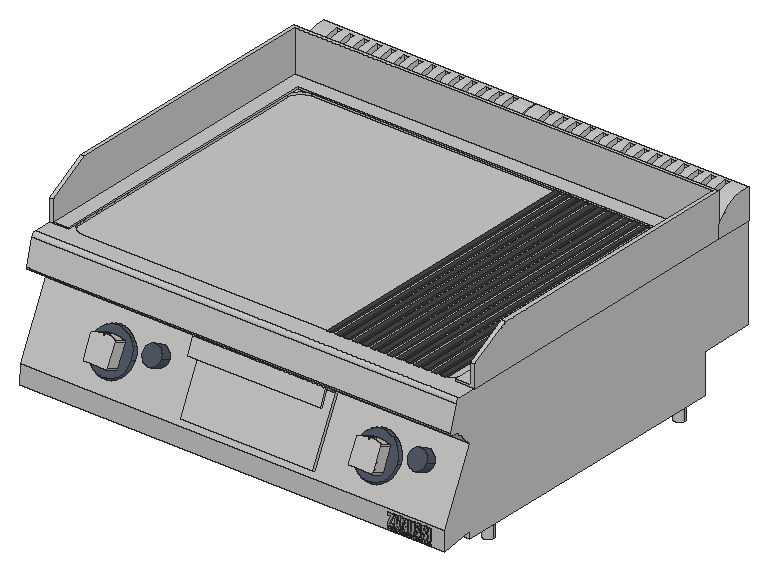
Revit family "QF_ZANUSSI_372335_Z7IIMAAOMEA", category Specialty Equipment, Revit 2018
Family settings
  Round Connector Dimension = Use Diameter
  Part Type = Normal
  Work Plane-Based = No
  Always vertical = Yes
  Cut with Voids When Loaded = No
  Shared = No
  Room Calculation Point = No
Parameters (values of type "Standard")
  Weight = 70.00 kg
  Watts = 0 W
  Volts = 0 V
  URL Manufacturer = "http://www.zanussiprofessional.com"
  URL = "http://www.zanussiprofessional.com"
  Steam Supply Size = 0"
  Steam Supply Minimum Pressure = 0.00 psi
  Steam Supply Maximum Pressure = 0.00 psi
  Steam Pounds per Hour = 0
  Show Logo [instance] = yes
  Show Clearance [instance] = yes
  Refrigeration Suction Line Size = 0"
  Refrigeration Liquid Line Size = 0"
  Refrigerant Compressor Remote = yes
  Phase = 0
  Model = "Z7IIMAAOMEA"
  Manufacturer = "Zanussi"
  Length Actual = 800 mm  # constant formula
  Item Number = "372335"
  Hot Water Size = 0"
  Height Actual = 250 mm  # constant formula
  HP = "0 HP"
  Gas Size = 1/2"
  Gas KW = 14
  Gas Input Pressure = 0.469158 Btu/h
  Direct Waste Size = 0"
  Description = "GAS FRY TOP-SMOOTH+RIBBED PLATE 800MM-BRUSHED CHROME"
  Depth Actual = 700 mm  # constant formula
  Cycle = 0 Hz
  Condensate Return Size = 0"
  Compressed Air Volume = 0 GPM
  Compressed Air Size = 0"
  Compressed Air Pressure = 0.00 psi
  Cold Water Size = 0"
  Assembly Code = ""
  Accessory = yes
Reference planes
  plane 1 "BACK": y = 0
  plane 2: z = 0
  plane 3 "LEFT": x = 0
  plane 4 "RIGHT": x = 800
  plane 5 "FRONT": y = -715
  plane 6 "TOP": z = 288.925
  plane 7 "Center Y": x = 400
  plane 8 "Center X": y = -357.5
  plane 9 "BASE": z = 24
  plane 10 "TOP A": z = 274
  plane 11: y = -597.884
  plane 12: y = -147.637
  plane 13: z = 981
  plane 14: y = -700
  plane 15 "panel": through (-6096, -715, 65.146) normal (0, 0.8956, -0.4448)
  plane 16: z = 900
Forms (mm)
  Extrusion 1, solid, material "QF_Finishes_Stainless Steel"
    sketch origin (0, 0, 626) x (0, 1, 0) y (0, 0, 1)
      loop
        line (0, 98) -> (0, 274) -> (-679.358, 274)
        arc (-679.358, 274) -> (-684.643, 271.811) -> (-686.833, 266.526) r 7.474
        line (-686.833, 266.526) -> (-699.884, 221.011)
        arc (-699.884, 221.011) -> (-699.396, 218.379) -> (-697, 217.184) r 3
        line (-697, 217.184) -> (-686.802, 217.184) -> (-654.982, 185.364) -> (-715, 64.508) -> (-715, 29.508) -> (-658.645, 37.428)
        arc (-658.645, 37.428) -> (-656.101, 36.674) -> (-655, 34.259) r 3.2
        line (-655, 34.259) -> (-655, 24) -> (-103, 24) -> (-103, 98) -> (0, 98)
    from 0 to 800
  Extrusion 2, void
    sketch origin (0, -2.381, 900) x (-1, 0, 0) y (0, -1, 0)
      loop
        arc (-60.425, 102.504) -> (-42.464, 109.943) -> (-35.025, 127.904) r 25.4
        line (-35.025, 127.904) -> (-35.025, 617.104)
        arc (-35.025, 617.104) -> (-42.464, 635.064) -> (-60.425, 642.504) r 25.4
        line (-60.425, 642.504) -> (-739.575, 642.504)
        arc (-739.575, 642.504) -> (-757.536, 635.064) -> (-764.975, 617.104) r 25.4
        line (-764.975, 617.104) -> (-764.975, 127.904)
        arc (-764.975, 127.904) -> (-757.536, 109.943) -> (-739.575, 102.504) r 25.4
        line (-739.575, 102.504) -> (-60.425, 102.504)
    from 0 to -3.2
  Extrusion 3, solid, material "QF_Finishes_Stainless Steel"
    sketch origin (0, 0, 626) x (1, 0, 0) y (0, 1, 0)
      loop
        circle (11.112, -147.638) r 9.525
      loop
        circle (11.112, -597.884) r 9.525
      loop
        circle (788.887, -147.638) r 9.525
      loop
        circle (788.887, -597.884) r 9.525
    from 0 to 24
  Extrusion 4, solid, material "QF_Finishes_Stainless Steel"
    sketch origin (0, -101.6, 727.594) x (0, 0, -1) y (-1, 0, 0)
      loop
        circle (43.694, -749.2) r 6.35
    from -1.4 to 3.175
  Extrusion 5, solid, material "QF_Finishes_Clearance", visible <- "Show Clearance", detail levels coarse
    sketch origin (0, 0, 626) x (1, 0, 0) y (0, 1, 0)
      loop
        line (0, -715) -> (0, 0) -> (800, 0) -> (800, -715) -> (950.019, -715) -> (950.019, 150.019) -> (-150.019, 150.019) -> (-150.019, -715) -> (0, -715)
    from 0 to 355
  Sweep 6, solid, material "QF_Finishes_Stainless Steel"
    path origin (0, -2.381, 900) x (-1, 0, 0) y (0, -1, 0)
      loop
        line (-764.975, 642.504) -> (-764.975, 102.504) -> (-35.025, 102.504) -> (-35.025, 642.504)
    profile origin (35.025, -374.885, 900) x (1, 0, 0) y (0, 0, 1)
      loop
        line (-35.025, 0) -> (0, 0) -> (0, 3.175) -> (-28.675, 3.175) -> (-28.675, 81) -> (-35.025, 81) -> (-35.025, 0)
  Extrusion 7, void
    sketch origin (0, -69.86, 900) x (0, 1, 0) y (0, 0, 1)
      loop
        line (-575.025, 41.119) -> (-501.995, 81) -> (-575.025, 81) -> (-575.025, 41.119)
    from 0 to 6.35
  Extrusion 8, void
    sketch origin (800, -644.885, 900) x (0, -1, 0) y (0, 0, 1)
      loop
        line (0, 41.119) -> (0, 81) -> (-73.03, 81) -> (0, 41.119)
    from 0 to 6.35
  Extrusion 9, solid, material "QF_Finishes_Stainless Steel"
    sketch origin (0, 0, 626) x (0, 1, 0) y (0, 0, 1)
      loop
        line (0, 274) -> (0, 331.492)
        arc (0, 331.492) -> (-38.8, 324.37) -> (-69.85, 300.038) r 82.447
        line (-69.85, 300.038) -> (-69.85, 274) -> (0, 274)
    from 0 to 400.05
  Extrusion 10, void
    sketch origin (0, 0, 900.638) x (0, -1, 0) y (1, 0, 0)
      loop
        line (6.761, 29.703) -> (63.911, 29.703) -> (63.911, 38.999) -> (6.761, 38.999) -> (6.761, 29.703)
      loop
        line (63.911, 64.487) -> (6.761, 64.487) -> (6.761, 55.191) -> (63.911, 55.191) -> (63.911, 64.487)
      loop
        line (63.911, 89.975) -> (6.761, 89.975) -> (6.761, 80.68) -> (63.911, 80.68) -> (63.911, 89.975)
      loop
        line (63.911, 115.464) -> (6.761, 115.464) -> (6.761, 106.168) -> (63.911, 106.168) -> (63.911, 115.464)
      loop
        line (63.911, 140.952) -> (6.761, 140.952) -> (6.761, 131.656) -> (63.911, 131.656) -> (63.911, 140.952)
      loop
        line (63.911, 166.44) -> (6.761, 166.44) -> (6.761, 157.145) -> (63.911, 157.145) -> (63.911, 166.44)
      loop
        line (63.911, 191.929) -> (6.761, 191.929) -> (6.761, 182.633) -> (63.911, 182.633) -> (63.911, 191.929)
      loop
        line (63.911, 217.417) -> (6.761, 217.417) -> (6.761, 208.121) -> (63.911, 208.121) -> (63.911, 217.417)
      loop
        line (63.911, 242.905) -> (6.761, 242.905) -> (6.761, 233.61) -> (63.911, 233.61) -> (63.911, 242.905)
      loop
        line (63.911, 268.394) -> (6.761, 268.394) -> (6.761, 259.098) -> (63.911, 259.098) -> (63.911, 268.394)
      loop
        line (63.911, 293.882) -> (6.761, 293.882) -> (6.761, 284.586) -> (63.911, 284.586) -> (63.911, 293.882)
      loop
        line (63.911, 319.37) -> (6.761, 319.37) -> (6.761, 310.075) -> (63.911, 310.075) -> (63.911, 319.37)
      loop
        line (63.911, 344.859) -> (6.761, 344.859) -> (6.761, 335.563) -> (63.911, 335.563) -> (63.911, 344.859)
      loop
        line (63.911, 370.347) -> (6.761, 370.347) -> (6.761, 361.051) -> (63.911, 361.051) -> (63.911, 370.347)
    from 25.4 to 63.5
  Extrusion 11, solid, material "QF_Finishes_Stainless Steel"
    sketch origin (400.05, 0, 626) x (0, 1, 0) y (0, 0, 1)
      loop
        line (0, 274) -> (0, 331.492)
        arc (0, 331.492) -> (-38.8, 324.37) -> (-69.85, 300.038) r 82.447
        line (-69.85, 300.038) -> (-69.85, 274) -> (0, 274)
    from 0 to 400.05
  Extrusion 12, void
    sketch origin (400.05, 0, 900.638) x (0, -1, 0) y (1, 0, 0)
      loop
        line (6.761, 29.653) -> (63.911, 29.653) -> (63.911, 38.949) -> (6.761, 38.949) -> (6.761, 29.653)
      loop
        line (63.911, 64.437) -> (6.761, 64.437) -> (6.761, 55.141) -> (63.911, 55.141) -> (63.911, 64.437)
      loop
        line (63.911, 89.925) -> (6.761, 89.925) -> (6.761, 80.63) -> (63.911, 80.63) -> (63.911, 89.925)
      loop
        line (63.911, 115.414) -> (6.761, 115.414) -> (6.761, 106.118) -> (63.911, 106.118) -> (63.911, 115.414)
      loop
        line (63.911, 140.902) -> (6.761, 140.902) -> (6.761, 131.606) -> (63.911, 131.606) -> (63.911, 140.902)
      loop
        line (63.911, 166.39) -> (6.761, 166.39) -> (6.761, 157.095) -> (63.911, 157.095) -> (63.911, 166.39)
      loop
        line (63.911, 191.879) -> (6.761, 191.879) -> (6.761, 182.583) -> (63.911, 182.583) -> (63.911, 191.879)
      loop
        line (63.911, 217.367) -> (6.761, 217.367) -> (6.761, 208.071) -> (63.911, 208.071) -> (63.911, 217.367)
      loop
        line (63.911, 242.855) -> (6.761, 242.855) -> (6.761, 233.56) -> (63.911, 233.56) -> (63.911, 242.855)
      loop
        line (63.911, 268.344) -> (6.761, 268.344) -> (6.761, 259.048) -> (63.911, 259.048) -> (63.911, 268.344)
      loop
        line (63.911, 293.832) -> (6.761, 293.832) -> (6.761, 284.536) -> (63.911, 284.536) -> (63.911, 293.832)
      loop
        line (63.911, 319.32) -> (6.761, 319.32) -> (6.761, 310.025) -> (63.911, 310.025) -> (63.911, 319.32)
      loop
        line (63.911, 344.809) -> (6.761, 344.809) -> (6.761, 335.513) -> (63.911, 335.513) -> (63.911, 344.809)
      loop
        line (63.911, 370.297) -> (6.761, 370.297) -> (6.761, 361.001) -> (63.911, 361.001) -> (63.911, 370.297)
    from 25.4 to 63.5
  Extrusion 13, solid, material "QF_Finishes_Stainless Steel"
    sketch origin (400, 0, 626) x (0, 1, 0) y (0, 0, 1)
      loop
        line (-655.161, 185.641) -> (-674.299, 204.778)
        arc (-674.299, 204.778) -> (-678.766, 206.181) -> (-682.47, 203.316) r 5.058
        line (-682.47, 203.316) -> (-695.132, 175.806) -> (-692.248, 174.479) -> (-679.586, 201.989)
        arc (-679.586, 201.989) -> (-678.207, 203.055) -> (-676.544, 202.533) r 1.883
        line (-676.544, 202.533) -> (-659.038, 185.028) -> (-712.559, 77.256) -> (-709.651, 75.918) -> (-655.161, 185.641)
    from -100 to 150
  Extrusion 14, solid, material "QF_Finishes_Drawer Clearance", visible <- "Show Clearance", detail levels coarse
    sketch origin (400, 0, 626) x (0, 1, 0) y (0, 0, 1)
      loop
        line (-778.814, 75.918) -> (-709.651, 75.918) -> (-655.161, 185.641) -> (-674.299, 204.778)
        arc (-674.299, 204.778) -> (-676.36, 206.027) -> (-678.766, 206.181) r 5.058
        line (-678.766, 206.181) -> (-747.93, 206.181)
        arc (-747.93, 206.181) -> (-750.133, 205.203) -> (-751.634, 203.316) r 5.058
        line (-751.634, 203.316) -> (-764.296, 175.806) -> (-761.412, 174.479) -> (-748.75, 201.989)
        arc (-748.75, 201.989) -> (-747.371, 203.055) -> (-745.708, 202.533) r 1.883
        line (-745.708, 202.533) -> (-728.202, 185.028) -> (-781.723, 77.256) -> (-778.814, 75.918)
    from -100 to 150
  Extrusion 15, solid, material "QF_Plastic-Black-Matte"
    sketch origin (592.6, -684.991, 751.574) x (0, 0.444781, 0.895639) y (0, 0.895639, -0.444781)
      loop
        line (26.984, -34) -> (23.984, -34) -> (23.984, -35) -> (26.984, -35)
        arc (26.984, -35) -> (27.691, -34.707) -> (27.984, -34) r 1
        line (27.984, -34) -> (27.984, -19) -> (26.984, -19) -> (26.984, -34)
    from -58.5 to -56.5
  Extrusion 16, solid, material "QF_Finishes_Stainless Steel"
    sketch origin (650.1, -684.991, 751.574) x (-1, 0, 0) y (0, -0.444781, -0.895639)
      loop
        line (17.6, -17.5) -> (17.6, 17.5) -> (-17.4, 17.5) -> (-17.4, -17.5) -> (17.6, -17.5)
    from 5 to 10
  Blend 17, solid, material "QF_Finishes_Navy Blue"
    base sketch origin (650.1, -684.991, 751.574) x (1, 0, 0) y (0, 0.444781, 0.895639)
      loop
        circle (-0.1, 0) r 42.5
    top sketch origin (650.1, -684.991, 751.574) x (1, 0, 0) y (0, 0.444781, 0.895639)
      loop
        circle (-0.1, 0) r 40.5
    from 0 to 5
  Extrusion 18, solid, material "QF_Finishes_Stainless Steel"
    sketch origin (650.1, -684.991, 751.574) x (-1, 0, 0) y (0, -0.444781, -0.895639)
      loop
        arc (-21.047, -22.789) -> (0.1, -26.984) -> (21.247, -22.789) r 55.4
        arc (21.247, -22.789) -> (22.594, -21.685) -> (23.1, -20.019) r 2.997
        line (23.1, -20.019) -> (23.1, 20.019)
        arc (23.1, 20.019) -> (22.222, 22.138) -> (20.103, 23.016) r 2.997
        line (20.103, 23.016) -> (-19.903, 23.016)
        arc (-19.903, 23.016) -> (-22.022, 22.138) -> (-22.9, 20.019) r 2.997
        line (-22.9, 20.019) -> (-22.9, -20.019)
        arc (-22.9, -20.019) -> (-22.394, -21.685) -> (-21.047, -22.789) r 2.997
    from 10 to 34
  Extrusion 19, solid, material "QF_Finishes_Navy Blue"
    sketch origin (789.101, -676.095, 769.486) x (1, 0, 0) y (0, 0.444781, 0.895639)
      loop
        circle (-55.101, 0) r 18
    from 3 to 23
  Extrusion 20, solid, material "QF_Finishes_Stainless Steel"
    sketch origin (650.1, -676.095, 769.486) x (1, 0, 0) y (0, 0.444781, 0.895639)
      loop
        circle (83.9, 0) r 15
    from 3 to 0
  Extrusion 21, solid, material "QF_Plastic-Black-Matte"
    sketch origin (92.5, -684.991, 751.574) x (0, 0.444781, 0.895639) y (0, 0.895639, -0.444781)
      loop
        line (26.984, -34) -> (23.984, -34) -> (23.984, -35) -> (26.984, -35)
        arc (26.984, -35) -> (27.691, -34.707) -> (27.984, -34) r 1
        line (27.984, -34) -> (27.984, -19) -> (26.984, -19) -> (26.984, -34)
    from -58.5 to -56.5
  Extrusion 22, solid, material "QF_Finishes_Stainless Steel"
    sketch origin (150, -684.991, 751.574) x (-1, 0, 0) y (0, -0.444781, -0.895639)
      loop
        line (17.5, -17.5) -> (17.5, 17.5) -> (-17.5, 17.5) -> (-17.5, -17.5) -> (17.5, -17.5)
    from 5 to 10
  Blend 23, solid, material "QF_Finishes_Navy Blue"
    base sketch origin (150, -684.991, 751.574) x (1, 0, 0) y (0, 0.444781, 0.895639)
      loop
        circle (0, 0) r 42.5
    top sketch origin (150, -684.991, 751.574) x (1, 0, 0) y (0, 0.444781, 0.895639)
      loop
        circle (0, 0) r 40.5
    from 0 to 5
  Extrusion 24, solid, material "QF_Finishes_Stainless Steel"
    sketch origin (150, -684.991, 751.574) x (-1, 0, 0) y (0, -0.444781, -0.895639)
      loop
        arc (-21.147, -22.789) -> (0, -26.984) -> (21.147, -22.789) r 55.4
        arc (21.147, -22.789) -> (22.494, -21.685) -> (23, -20.019) r 2.997
        line (23, -20.019) -> (23, 20.019)
        arc (23, 20.019) -> (22.122, 22.138) -> (20.003, 23.016) r 2.997
        line (20.003, 23.016) -> (-20.003, 23.016)
        arc (-20.003, 23.016) -> (-22.122, 22.138) -> (-23, 20.019) r 2.997
        line (-23, 20.019) -> (-23, -20.019)
        arc (-23, -20.019) -> (-22.494, -21.685) -> (-21.147, -22.789) r 2.997
    from 10 to 34
  Extrusion 25, solid, material "QF_Finishes_Navy Blue"
    sketch origin (289.001, -676.095, 769.486) x (1, 0, 0) y (0, 0.444781, 0.895639)
      loop
        circle (-55.051, 0) r 18
    from 3 to 23
  Extrusion 26, solid, material "QF_Finishes_Stainless Steel"
    sketch origin (150, -676.095, 769.486) x (1, 0, 0) y (0, 0.444781, 0.895639)
      loop
        circle (83.95, 0) r 15
    from 3 to 0
  Extrusion 27, solid, material "QF_Finishes_Black"
    sketch origin (-552.176, -715, 626) x (1, 0, 0) y (0, 0, 1)
      loop
        line (1082.583, 274) -> (1073.583, 274) -> (1073.583, 270.8) -> (1082.583, 270.8) -> (1082.583, 274)
    from -610.115 to -70.115
  Extrusion 28, solid, material "QF_Finishes_Black"
    sketch origin (-552.176, -715, 626) x (1, 0, 0) y (0, 0, 1)
      loop
        line (1099.083, 274) -> (1090.083, 274) -> (1090.083, 270.8) -> (1099.083, 270.8) -> (1099.083, 274)
    from -610.115 to -70.115
  Extrusion 29, solid, material "QF_Finishes_Black"
    sketch origin (-552.176, -715, 626) x (1, 0, 0) y (0, 0, 1)
      loop
        line (1115.583, 274) -> (1106.583, 274) -> (1106.583, 270.8) -> (1115.583, 270.8) -> (1115.583, 274)
    from -610.115 to -70.115
  Extrusion 30, solid, material "QF_Finishes_Black"
    sketch origin (-552.176, -715, 626) x (1, 0, 0) y (0, 0, 1)
      loop
        line (1132.083, 274) -> (1123.083, 274) -> (1123.083, 270.8) -> (1132.083, 270.8) -> (1132.083, 274)
    from -610.115 to -70.115
  Extrusion 31, solid, material "QF_Finishes_Black"
    sketch origin (-552.176, -715, 626) x (1, 0, 0) y (0, 0, 1)
      loop
        line (1148.583, 274) -> (1139.583, 274) -> (1139.583, 270.8) -> (1148.583, 270.8) -> (1148.583, 274)
    from -610.115 to -70.115
  Extrusion 32, solid, material "QF_Finishes_Black"
    sketch origin (-552.176, -715, 626) x (1, 0, 0) y (0, 0, 1)
      loop
        line (1165.083, 274) -> (1156.083, 274) -> (1156.083, 270.8) -> (1165.083, 270.8) -> (1165.083, 274)
    from -610.115 to -70.115
  Extrusion 33, solid, material "QF_Finishes_Black"
    sketch origin (-552.176, -715, 626) x (1, 0, 0) y (0, 0, 1)
      loop
        line (1181.583, 274) -> (1172.583, 274) -> (1172.583, 270.8) -> (1181.583, 270.8) -> (1181.583, 274)
    from -610.115 to -70.115
  Extrusion 34, solid, material "QF_Finishes_Black"
    sketch origin (-552.176, -715, 626) x (1, 0, 0) y (0, 0, 1)
      loop
        line (1198.083, 274) -> (1189.083, 274) -> (1189.083, 270.8) -> (1198.083, 270.8) -> (1198.083, 274)
    from -610.115 to -70.115
  Extrusion 35, solid, material "QF_Finishes_Black"
    sketch origin (-552.176, -715, 626) x (1, 0, 0) y (0, 0, 1)
      loop
        line (1214.583, 274) -> (1205.583, 274) -> (1205.583, 270.8) -> (1214.583, 270.8) -> (1214.583, 274)
    from -610.115 to -70.115
  Extrusion 36, solid, material "QF_Finishes_Black"
    sketch origin (-552.176, -715, 626) x (1, 0, 0) y (0, 0, 1)
      loop
        line (1231.083, 274) -> (1222.083, 274) -> (1222.083, 270.8) -> (1231.083, 270.8) -> (1231.083, 274)
    from -610.115 to -70.115
  Extrusion 37, solid, material "QF_Finishes_Black"
    sketch origin (-552.176, -715, 626) x (1, 0, 0) y (0, 0, 1)
      loop
        line (1247.583, 274) -> (1238.583, 274) -> (1238.583, 270.8) -> (1247.583, 270.8) -> (1247.583, 274)
    from -610.115 to -70.115
  Extrusion 38, solid, material "QF_Finishes_Black"
    sketch origin (-552.176, -715, 626) x (1, 0, 0) y (0, 0, 1)
      loop
        line (1264.083, 274) -> (1255.083, 274) -> (1255.083, 270.8) -> (1264.083, 270.8) -> (1264.083, 274)
    from -610.115 to -70.115
  Extrusion 39, solid, material "QF_Finishes_Black"
    sketch origin (-552.176, -715, 626) x (1, 0, 0) y (0, 0, 1)
      loop
        line (1280.583, 274) -> (1271.583, 274) -> (1271.583, 270.8) -> (1280.583, 270.8) -> (1280.583, 274)
    from -610.115 to -70.115
  Extrusion 40, solid, material "QF_Finishes_Black"
    sketch origin (-552.176, -715, 626) x (1, 0, 0) y (0, 0, 1)
      loop
        line (1297.083, 274) -> (1288.083, 274) -> (1288.083, 270.8) -> (1297.083, 270.8) -> (1297.083, 274)
    from -610.115 to -70.115
Cuts and joins
  Extrusion 2 cuts Extrusion 1
  Extrusion 7, Extrusion 8 cuts Sweep 6
  Extrusion 10 cuts Extrusion 9
  Extrusion 12 cuts Extrusion 11
Lines and regions (mm)
  Split face 1
    outline origin (656.001, -689.469, 753.797) x (1, 0, 0) y (0, 0.444781, 0.895639)
      loop
        line (-8.901, 38.561) -> (-8.901, 28.561) -> (-2.901, 28.561) -> (-2.901, 38.561) -> (-8.901, 38.561)
  Split face 2
    outline origin (656.001, -689.469, 753.797) x (1, 0, 0) y (0, 0.444781, 0.895639)
      loop
        line (-8.401, 38.061) -> (-8.401, 29.061) -> (-3.401, 29.061) -> (-3.401, 38.061) -> (-8.401, 38.061)
  Split face 3
    outline origin (656.001, -689.469, 753.797) x (1, 0, 0) y (0, 0.444781, 0.895639)
      loop
        line (-8.401, 33.561) -> (-3.401, 33.561)
  Split face 4
    outline origin (656.001, -689.469, 753.797) x (1, 0, 0) y (0, 0.444781, 0.895639)
      loop
        line (-8.401, 33.061) -> (-3.401, 33.061)
  Split face 5
    outline origin (656.001, -689.469, 753.797) x (1, 0, 0) y (0, 0.444781, 0.895639)
      loop
        circle (-5.901, 35.811) r 2.031
  Split face 6
    outline origin (650.1, -689.469, 753.797) x (1, 0, 0) y (0, 0.444781, 0.895639)
      loop
        circle (-24.487, 26.694) r 3.497
  Split face 7
    outline origin (650.1, -689.469, 753.797) x (1, 0, 0) y (0, 0.444781, 0.895639)
      loop
        circle (-33, 0) r 3
  Split face 8
    outline origin (650.1, -689.469, 753.797) x (1, 0, 0) y (0, 0.444781, 0.895639)
      loop
        circle (-17.8, -29.371) r 1.5
  Split face 9
    outline origin (155.901, -689.469, 753.797) x (1, 0, 0) y (0, 0.444781, 0.895639)
      loop
        line (-8.901, 38.561) -> (-8.901, 28.561) -> (-2.901, 28.561) -> (-2.901, 38.561) -> (-8.901, 38.561)
  Split face 10
    outline origin (155.901, -689.469, 753.797) x (1, 0, 0) y (0, 0.444781, 0.895639)
      loop
        line (-8.401, 38.061) -> (-8.401, 29.061) -> (-3.401, 29.061) -> (-3.401, 38.061) -> (-8.401, 38.061)
  Split face 11
    outline origin (155.901, -689.469, 753.797) x (1, 0, 0) y (0, 0.444781, 0.895639)
      loop
        line (-8.401, 33.561) -> (-3.401, 33.561)
  Split face 12
    outline origin (155.901, -689.469, 753.797) x (1, 0, 0) y (0, 0.444781, 0.895639)
      loop
        line (-8.401, 33.061) -> (-3.401, 33.061)
  Split face 13
    outline origin (155.901, -689.469, 753.797) x (1, 0, 0) y (0, 0.444781, 0.895639)
      loop
        circle (-5.901, 35.811) r 2.031
  Split face 14
    outline origin (150, -689.469, 753.797) x (1, 0, 0) y (0, 0.444781, 0.895639)
      loop
        circle (-24.487, 26.694) r 3.497
  Split face 15
    outline origin (150, -689.469, 753.797) x (1, 0, 0) y (0, 0.444781, 0.895639)
      loop
        circle (-33, 0) r 3
  Split face 16
    outline origin (150, -689.469, 753.797) x (1, 0, 0) y (0, 0.444781, 0.895639)
      loop
        circle (-17.8, -29.371) r 1.5
  symbolic lines, style "QF-Clearances", visible <- "Show Clearance", detail levels coarse
    curve 1: line (-150.019, 150.019, 274) -> (-150.019, -715, 274)
    curve 2: line (950.019, 150.019, 274) -> (-150.019, 150.019, 274)
    curve 3: line (950.019, -716.377, 274) -> (950.019, 150.019, 274)
  symbolic lines
    curve 4: line (0, 0, 274) -> (800, 0, 274)
    curve 5: line (0, -715, 274) -> (0, 0, 274)
    curve 6: line (800, 0, 274) -> (800, -715, 274)
    curve 7: line (35.025, -104.885, 274) -> (35.025, -644.885, 274)
    curve 8: arc (35.025, -619.485, 274) -> (42.464, -637.445, 274) -> (60.425, -644.885, 274) r 25.4
    curve 9: line (0, -644.885, 274) -> (35.025, -644.885, 274)
    curve 10: arc (739.215, -644.885, 274) -> (757.736, -637.213, 274) -> (765.407, -618.692, 274) r 26.193
    curve 11: line (765.407, -644.885, 274) -> (765.407, -104.885, 274)
    curve 12: line (765.407, -104.885, 274) -> (35.025, -104.885, 274)
    curve 13: line (0, -69.85, 274) -> (800, -69.85, 274)
    curve 14: arc (64.125, -104.885, 274) -> (43.548, -113.408, 274) -> (35.025, -133.985, 274) r 29.1
    curve 15: line (6.35, -76.21, 274) -> (6.35, -644.885, 274)
    curve 16: line (6.35, -76.21, 274) -> (793.65, -76.21, 274)
    curve 17: line (793.65, -76.21, 274) -> (793.65, -644.885, 274)
    curve 18: line (765.407, -644.885, 274) -> (800, -644.885, 274)
    curve 19: line (60.425, -644.885, 274) -> (739.215, -644.885, 274)
    curve 23: line (0, 0, 274.638) -> (800, 0, 274.638)
    curve 24: line (0, -69.85, 274.638) -> (800, -69.85, 274.638)
    curve 25: line (29.703, -6.761, 0) -> (38.999, -6.761, 0)
    curve 26: line (29.703, -63.911, 0) -> (29.703, -6.761, 0)
    curve 27: line (38.999, -63.911, 0) -> (29.703, -63.911, 0)
    curve 28: line (38.999, -6.761, 0) -> (38.999, -63.911, 0)
    curve 29: line (55.191, -6.761, 0) -> (64.487, -6.761, 0)
    curve 30: line (55.191, -63.911, 0) -> (55.191, -6.761, 0)
    curve 31: line (64.487, -63.911, 0) -> (55.191, -63.911, 0)
    curve 32: line (64.487, -6.761, 0) -> (64.487, -63.911, 0)
    curve 33: line (80.68, -6.761, 0) -> (89.975, -6.761, 0)
    curve 34: line (80.68, -63.911, 0) -> (80.68, -6.761, 0)
    curve 35: line (89.975, -63.911, 0) -> (80.68, -63.911, 0)
    curve 36: line (89.975, -6.761, 0) -> (89.975, -63.911, 0)
    curve 37: line (106.168, -6.761, 0) -> (115.464, -6.761, 0)
    curve 38: line (106.168, -63.911, 0) -> (106.168, -6.761, 0)
    curve 39: line (115.464, -63.911, 0) -> (106.168, -63.911, 0)
    curve 40: line (115.464, -6.761, 0) -> (115.464, -63.911, 0)
    curve 41: line (131.656, -6.761, 0) -> (140.952, -6.761, 0)
    curve 42: line (131.656, -63.911, 0) -> (131.656, -6.761, 0)
    curve 43: line (140.952, -63.911, 0) -> (131.656, -63.911, 0)
    curve 44: line (140.952, -6.761, 0) -> (140.952, -63.911, 0)
    curve 45: line (157.145, -6.761, 0) -> (166.44, -6.761, 0)
    curve 46: line (157.145, -63.911, 0) -> (157.145, -6.761, 0)
    curve 47: line (166.44, -63.911, 0) -> (157.145, -63.911, 0)
    curve 48: line (166.44, -6.761, 0) -> (166.44, -63.911, 0)
    curve 49: line (182.633, -6.761, 0) -> (191.929, -6.761, 0)
    curve 50: line (182.633, -63.911, 0) -> (182.633, -6.761, 0)
    curve 51: line (191.929, -63.911, 0) -> (182.633, -63.911, 0)
    curve 52: line (191.929, -6.761, 0) -> (191.929, -63.911, 0)
    curve 53: line (208.121, -6.761, 0) -> (217.417, -6.761, 0)
    curve 54: line (208.121, -63.911, 0) -> (208.121, -6.761, 0)
    curve 55: line (217.417, -63.911, 0) -> (208.121, -63.911, 0)
    curve 56: line (217.417, -6.761, 0) -> (217.417, -63.911, 0)
    curve 57: line (233.61, -6.761, 0) -> (242.905, -6.761, 0)
    curve 58: line (233.61, -63.911, 0) -> (233.61, -6.761, 0)
    curve 59: line (242.905, -63.911, 0) -> (233.61, -63.911, 0)
    curve 60: line (242.905, -6.761, 0) -> (242.905, -63.911, 0)
    curve 61: line (259.098, -6.761, 0) -> (268.394, -6.761, 0)
    curve 62: line (259.098, -63.911, 0) -> (259.098, -6.761, 0)
    curve 63: line (268.394, -63.911, 0) -> (259.098, -63.911, 0)
    curve 64: line (268.394, -6.761, 0) -> (268.394, -63.911, 0)
    curve 65: line (284.586, -6.761, 0) -> (293.882, -6.761, 0)
    curve 66: line (284.586, -63.911, 0) -> (284.586, -6.761, 0)
    curve 67: line (293.882, -63.911, 0) -> (284.586, -63.911, 0)
    curve 68: line (293.882, -6.761, 0) -> (293.882, -63.911, 0)
    curve 69: line (310.075, -6.761, 0) -> (319.37, -6.761, 0)
    curve 70: line (310.075, -63.911, 0) -> (310.075, -6.761, 0)
    curve 71: line (319.37, -63.911, 0) -> (310.075, -63.911, 0)
    curve 72: line (319.37, -6.761, 0) -> (319.37, -63.911, 0)
    curve 73: line (335.563, -6.761, 0) -> (344.859, -6.761, 0)
    curve 74: line (335.563, -63.911, 0) -> (335.563, -6.761, 0)
    curve 75: line (344.859, -63.911, 0) -> (335.563, -63.911, 0)
    curve 76: line (344.859, -6.761, 0) -> (344.859, -63.911, 0)
    curve 77: line (361.051, -6.761, 0) -> (370.347, -6.761, 0)
    curve 78: line (361.051, -63.911, 0) -> (361.051, -6.761, 0)
    curve 79: line (370.347, -63.911, 0) -> (361.051, -63.911, 0)
    curve 80: line (370.347, -6.761, 0) -> (370.347, -63.911, 0)
    curve 81: line (400, 0, 0) -> (400, -69.85, 0)
    curve 82: line (770.347, -6.761, 0) -> (761.051, -6.761, 0)
    curve 83: line (770.347, -63.911, 0) -> (770.347, -6.761, 0)
    curve 84: line (761.051, -63.911, 0) -> (770.347, -63.911, 0)
    curve 85: line (761.051, -6.761, 0) -> (761.051, -63.911, 0)
    curve 86: line (744.859, -6.761, 0) -> (735.563, -6.761, 0)
    curve 87: line (744.859, -63.911, 0) -> (744.859, -6.761, 0)
    curve 88: line (735.563, -63.911, 0) -> (744.859, -63.911, 0)
    curve 89: line (735.563, -6.761, 0) -> (735.563, -63.911, 0)
    curve 90: line (719.37, -6.761, 0) -> (710.075, -6.761, 0)
    curve 91: line (719.37, -63.911, 0) -> (719.37, -6.761, 0)
    curve 92: line (710.075, -63.911, 0) -> (719.37, -63.911, 0)
    curve 93: line (710.075, -6.761, 0) -> (710.075, -63.911, 0)
    curve 94: line (693.882, -6.761, 0) -> (684.586, -6.761, 0)
    curve 95: line (693.882, -63.911, 0) -> (693.882, -6.761, 0)
    curve 96: line (684.586, -63.911, 0) -> (693.882, -63.911, 0)
    curve 97: line (684.586, -6.761, 0) -> (684.586, -63.911, 0)
    curve 98: line (668.394, -6.761, 0) -> (659.098, -6.761, 0)
    curve 99: line (668.394, -63.911, 0) -> (668.394, -6.761, 0)
    curve 100: line (659.098, -63.911, 0) -> (668.394, -63.911, 0)
    curve 101: line (659.098, -6.761, 0) -> (659.098, -63.911, 0)
    curve 102: line (642.905, -6.761, 0) -> (633.61, -6.761, 0)
    curve 103: line (642.905, -63.911, 0) -> (642.905, -6.761, 0)
    curve 104: line (633.61, -63.911, 0) -> (642.905, -63.911, 0)
    curve 105: line (633.61, -6.761, 0) -> (633.61, -63.911, 0)
    curve 106: line (617.417, -6.761, 0) -> (608.121, -6.761, 0)
    curve 107: line (617.417, -63.911, 0) -> (617.417, -6.761, 0)
    curve 108: line (608.121, -63.911, 0) -> (617.417, -63.911, 0)
    curve 109: line (608.121, -6.761, 0) -> (608.121, -63.911, 0)
    curve 110: line (591.929, -6.761, 0) -> (582.633, -6.761, 0)
    curve 111: line (591.929, -63.911, 0) -> (591.929, -6.761, 0)
    curve 112: line (582.633, -63.911, 0) -> (591.929, -63.911, 0)
    curve 113: line (582.633, -6.761, 0) -> (582.633, -63.911, 0)
    curve 114: line (566.44, -6.761, 0) -> (557.145, -6.761, 0)
    curve 115: line (566.44, -63.911, 0) -> (566.44, -6.761, 0)
    curve 116: line (557.145, -63.911, 0) -> (566.44, -63.911, 0)
    curve 117: line (557.145, -6.761, 0) -> (557.145, -63.911, 0)
    curve 118: line (540.952, -6.761, 0) -> (531.656, -6.761, 0)
    curve 119: line (540.952, -63.911, 0) -> (540.952, -6.761, 0)
    curve 120: line (531.656, -63.911, 0) -> (540.952, -63.911, 0)
    curve 121: line (531.656, -6.761, 0) -> (531.656, -63.911, 0)
    curve 122: line (515.464, -6.761, 0) -> (506.168, -6.761, 0)
    curve 123: line (515.464, -63.911, 0) -> (515.464, -6.761, 0)
    curve 124: line (506.168, -63.911, 0) -> (515.464, -63.911, 0)
    curve 125: line (506.168, -6.761, 0) -> (506.168, -63.911, 0)
    curve 126: line (489.975, -6.761, 0) -> (480.68, -6.761, 0)
    curve 127: line (489.975, -63.911, 0) -> (489.975, -6.761, 0)
    curve 128: line (480.68, -63.911, 0) -> (489.975, -63.911, 0)
    curve 129: line (480.68, -6.761, 0) -> (480.68, -63.911, 0)
    curve 130: line (464.487, -6.761, 0) -> (455.191, -6.761, 0)
    curve 131: line (464.487, -63.911, 0) -> (464.487, -6.761, 0)
    curve 132: line (455.191, -63.911, 0) -> (464.487, -63.911, 0)
    curve 133: line (455.191, -6.761, 0) -> (455.191, -63.911, 0)
    curve 134: line (438.999, -6.761, 0) -> (429.703, -6.761, 0)
    curve 135: line (438.999, -63.911, 0) -> (438.999, -6.761, 0)
    curve 136: line (429.703, -63.911, 0) -> (438.999, -63.911, 0)
    curve 137: line (429.703, -6.761, 0) -> (429.703, -63.911, 0)
    curve 138: line (0, -700, 0) -> (800, -700, 0)
    curve 139: line (673.05, -700, 0) -> (673.05, -724.347, 0)
    curve 140: arc (673.05, -724.347, 0) -> (672.904, -724.811, 0) -> (672.518, -725.107, 0) r 0.809
    curve 141: arc (672.518, -725.107, 0) -> (671.33, -725.587, 0) -> (670.053, -725.68, 0) r 4.127
    curve 142: arc (673.05, -704.292, 0) -> (678.091, -702.458, 0) -> (682.859, -700, 0) r 42.24
    curve 143: arc (673.05, -706.539, 0) -> (672.548, -705.818, 0) -> (671.751, -705.448, 0) r 1.682
    curve 144: arc (671.751, -705.448, 0) -> (661.448, -703.95, 0) -> (651.05, -703.441, 0) r 109.079
    curve 145: line (651.05, -700, 0) -> (651.05, -705.671, 0)
    curve 146: line (651.05, -705.671, 0) -> (649.05, -705.671, 0)
    curve 147: line (649.05, -705.671, 0) -> (649.05, -700, 0)
    curve 148: line (627.05, -700, 0) -> (627.05, -724.347, 0)
    curve 149: arc (627.05, -724.347, 0) -> (627.196, -724.811, 0) -> (627.582, -725.107, 0) r 0.809
    curve 150: arc (627.582, -725.107, 0) -> (628.77, -725.587, 0) -> (630.047, -725.68, 0) r 4.127
    curve 151: arc (627.05, -704.292, 0) -> (622.009, -702.458, 0) -> (617.241, -700, 0) r 42.24
    curve 152: arc (627.05, -706.539, 0) -> (627.552, -705.818, 0) -> (628.349, -705.448, 0) r 1.682
    curve 153: arc (628.349, -705.448, 0) -> (638.652, -703.95, 0) -> (649.05, -703.441, 0) r 109.079
    curve 154: line (670.053, -725.68, 0) -> (630.047, -725.68, 0)
    curve 155: line (173, -715, 0) -> (627.05, -715, 0)
    curve 156: line (673.05, -715, 0) -> (800, -715, 0)
    curve 157: spline (717.655, -700, 0) -> (719.363, -701.323, 0) -> (721.604, -702.479, 0) -> (724.297, -703.424, 0) -> (727.344, -704.125, 0) -> (730.635, -704.556, 0) -> (734.05, -704.701, 0) -> (737.465, -704.556, 0) -> (740.756, -704.125, 0) -> (743.803, -703.424, 0) -> (746.496, -702.479, 0) -> (748.737, -701.323, 0) -> (750.445, -700, 0)
    curve 158: line (300, -715, 0) -> (300, -700, 0)
    curve 159: line (550, -715, 0) -> (550, -700, 0)
    curve 160: line (173, -700, 0) -> (173, -724.347, 0)
    curve 161: arc (173, -724.347, 0) -> (172.854, -724.811, 0) -> (172.468, -725.107, 0) r 0.809
    curve 162: arc (172.468, -725.107, 0) -> (171.28, -725.587, 0) -> (170.003, -725.68, 0) r 4.127
    curve 163: arc (173, -704.292, 0) -> (178.041, -702.458, 0) -> (182.809, -700, 0) r 42.24
    curve 164: arc (173, -706.539, 0) -> (172.498, -705.818, 0) -> (171.701, -705.448, 0) r 1.682
    curve 165: arc (171.701, -705.448, 0) -> (161.398, -703.95, 0) -> (151, -703.441, 0) r 109.079
    curve 166: line (151, -700, 0) -> (151, -705.671, 0)
    curve 167: line (151, -705.671, 0) -> (149, -705.671, 0)
    curve 168: line (149, -705.671, 0) -> (149, -700, 0)
    curve 169: line (127, -700, 0) -> (127, -724.347, 0)
    curve 170: arc (127, -724.347, 0) -> (127.146, -724.811, 0) -> (127.532, -725.107, 0) r 0.809
    curve 171: arc (127.532, -725.107, 0) -> (128.72, -725.587, 0) -> (129.997, -725.68, 0) r 4.127
    curve 172: arc (127, -704.292, 0) -> (121.959, -702.458, 0) -> (117.191, -700, 0) r 42.24
    curve 173: arc (127, -706.539, 0) -> (127.502, -705.818, 0) -> (128.299, -705.448, 0) r 1.682
    curve 174: arc (128.299, -705.448, 0) -> (138.602, -703.95, 0) -> (149, -703.441, 0) r 109.079
    curve 175: line (170.003, -725.68, 0) -> (129.997, -725.68, 0)
    curve 176: spline (217.605, -700, 0) -> (219.313, -701.323, 0) -> (221.554, -702.479, 0) -> (224.247, -703.424, 0) -> (227.294, -704.125, 0) -> (230.585, -704.556, 0) -> (234, -704.701, 0) -> (237.415, -704.556, 0) -> (240.706, -704.125, 0) -> (243.753, -703.424, 0) -> (246.446, -702.479, 0) -> (248.687, -701.323, 0) -> (250.395, -700, 0)
    curve 177: line (127, -715, 0) -> (0, -715, 0)
    curve 178: line (509, -104.885, 0) -> (509, -644.885, 0)
    curve 179: line (525.5, -104.885, 0) -> (525.5, -644.885, 0)
    curve 180: line (542, -104.885, 0) -> (542, -644.885, 0)
    curve 181: line (558.5, -104.885, 0) -> (558.5, -644.885, 0)
    curve 182: line (575, -104.885, 0) -> (575, -644.885, 0)
    curve 183: line (591.5, -104.885, 0) -> (591.5, -644.885, 0)
    curve 184: line (608, -104.885, 0) -> (608, -644.885, 0)
    curve 185: line (624.5, -104.885, 0) -> (624.5, -644.885, 0)
    curve 186: line (641, -104.885, 0) -> (641, -644.885, 0)
    curve 187: line (657.5, -104.885, 0) -> (657.5, -644.885, 0)
    curve 188: line (674, -104.885, 0) -> (674, -644.885, 0)
    curve 189: line (690.5, -104.885, 0) -> (690.5, -644.885, 0)
    curve 190: line (706.975, -104.885, 0) -> (706.975, -644.885, 0)
    curve 191: line (723.475, -104.885, 0) -> (723.475, -644.885, 0)
    curve 192: line (739.575, -104.885, 0) -> (739.575, -644.885, 0)
    curve 193: line (756.286, -104.885, 0) -> (756.286, -638.614, 0)
  symbolic lines, style "QF_Drawer Clearance"
    curve 20: line (300, -767.387, 0) -> (300, -715, 0)
    curve 21: line (300, -767.387, 0) -> (550, -767.387, 0)
    curve 22: line (550, -767.387, 0) -> (550, -715, 0)
Dimensions and locks
  equal spacing: plane 3 "LEFT", plane 7 "Center Y", plane 4 "RIGHT"
  plane 3 "LEFT" to plane 4 "RIGHT" = 800 mm
  equal spacing: plane 5 "FRONT", plane 8 "Center X", plane 1 "BACK"
  plane 5 "FRONT" to plane 1 "BACK" = 715 mm
  plane 1 "BACK" to plane 5 "FRONT" = 715 mm
  plane 9 "BASE" to level = 24 mm  (x2)
  plane 4 "RIGHT" to Extrusion 4 sketch curve = 50.8 mm
  Sweep 6 sketch curve to level = 981 mm
  plane 10 "TOP A" to plane 9 "BASE" = 250 mm  (x2)
  plane 13 to level = 981 mm
  plane 1 "BACK" to plane 14 = 700 mm
  plane 16 to level = 900 mm
  aligned and locked: level to plane 2
  aligned and locked: plane 4 "RIGHT" to Extrusion 1
  aligned: plane 6 "TOP" to Extrusion 5
Automatic sketch dimensions
  plane 10 "TOP A" to Extrusion 9 sketch curve = 626 mm
  Extrusion 9 sketch curve to plane 1 "BACK" = 0 mm
  plane 1 "BACK" to Extrusion 9 sketch curve = 4.947 mm
  plane 6 "TOP" to Extrusion 9 sketch curve = 637.113 mm
  plane 1 "BACK" to Extrusion 9 sketch curve = 69.85 mm
  plane 10 "TOP A" to Extrusion 9 sketch curve = 601.193 mm
  plane 10 "TOP A" to Extrusion 11 sketch curve = 626 mm
  Extrusion 11 sketch curve to plane 1 "BACK" = 0 mm
  plane 1 "BACK" to Extrusion 11 sketch curve = 4.947 mm
  plane 6 "TOP" to Extrusion 11 sketch curve = 637.113 mm
  plane 1 "BACK" to Extrusion 11 sketch curve = 69.85 mm
  plane 10 "TOP A" to Extrusion 11 sketch curve = 601.193 mm
  plane 1 "BACK" to Extrusion 12 sketch curve = 6.761 mm  (x14)
  Extrusion 12 sketch curve to Extrusion 12 sketch curve = 57.15 mm
  Extrusion 12 sketch curve to Extrusion 12 sketch curve = 0 mm  (x13)
  plane 7 "Center Y" to Extrusion 12 sketch curve = 29.703 mm
  Extrusion 12 sketch curve to Extrusion 12 sketch curve = 9.296 mm  (x14)
  Extrusion 12 sketch curve to Extrusion 12 sketch curve = 16.193 mm  (x13)
  Extrusion 15 sketch curve to plane 15 "panel" = 313.433 mm
  plane 14 to Extrusion 15 sketch curve = 5.671 mm
  Extrusion 15 sketch curve to Extrusion 15 sketch curve = 3 mm
  Extrusion 15 sketch curve to Extrusion 15 sketch curve = 0 mm
  Extrusion 15 sketch curve to Extrusion 15 sketch curve = 1 mm  (x2)
  Extrusion 15 sketch curve to Extrusion 15 sketch curve = 15 mm
  Extrusion 21 sketch curve to plane 15 "panel" = 313.433 mm
  plane 14 to Extrusion 21 sketch curve = 5.671 mm
  Extrusion 21 sketch curve to Extrusion 21 sketch curve = 3 mm
  Extrusion 21 sketch curve to Extrusion 21 sketch curve = 0 mm
  Extrusion 21 sketch curve to Extrusion 21 sketch curve = 1 mm  (x2)
  Extrusion 21 sketch curve to Extrusion 21 sketch curve = 15 mm
  Extrusion 25 sketch curve to plane 7 "Center Y" = 166.05 mm
  Extrusion 26 sketch curve to plane 7 "Center Y" = 166.05 mm
  Extrusion 14 sketch curve to Extrusion 14 sketch curve = 0 mm  (x2)
  Extrusion 14 sketch curve to plane 15 "panel" = 278.433 mm  (x2)
  plane 5 "FRONT" to Extrusion 14 sketch curve = 66.723 mm
  Extrusion 14 sketch curve to Extrusion 14 sketch curve = 2.908 mm
  plane 5 "FRONT" to Extrusion 14 sketch curve = 49.296 mm
  Extrusion 14 sketch curve to Extrusion 14 sketch curve = 2.884 mm  (x2)
  Extrusion 14 sketch curve to Extrusion 14 sketch curve = 12.662 mm
  Extrusion 14 sketch curve to Extrusion 14 sketch curve = 0.82 mm
  Extrusion 14 sketch curve to Extrusion 14 sketch curve = 1.711 mm
  Extrusion 14 sketch curve to Extrusion 14 sketch curve = 1.332 mm
  plane 5 "FRONT" to Extrusion 14 sketch curve = 13.202 mm
  Extrusion 14 sketch curve to plane 5 "FRONT" = 5.349 mm
  Extrusion 14 sketch curve to plane 14 = 21.234 mm
  Extrusion 14 sketch curve to Extrusion 14 sketch curve = 0.891 mm
  Extrusion 14 sketch curve to Extrusion 14 sketch curve = 4.467 mm
  Extrusion 14 sketch curve to Extrusion 14 sketch curve = 19.137 mm
  Extrusion 14 sketch curve to Extrusion 14 sketch curve = 1.339 mm
  Extrusion 14 sketch curve to Extrusion 14 sketch curve = 97.223 mm
  Extrusion 14 sketch curve to Extrusion 14 sketch curve = 1.327 mm
  Extrusion 14 sketch curve to Extrusion 14 sketch curve = 16.961 mm
  Extrusion 14 sketch curve to Extrusion 14 sketch curve = 0.787 mm
  Extrusion 14 sketch curve to Extrusion 14 sketch curve = 4.979 mm
  Extrusion 13 sketch curve to Extrusion 13 sketch curve = 0 mm  (x2)
  Extrusion 13 sketch curve to plane 15 "panel" = 278.433 mm  (x2)
  Extrusion 13 sketch curve to plane 5 "FRONT" = 2.441 mm
  Extrusion 13 sketch curve to Extrusion 13 sketch curve = 2.908 mm
  Extrusion 13 sketch curve to plane 14 = 4.868 mm
  Extrusion 13 sketch curve to Extrusion 13 sketch curve = 2.884 mm  (x2)
  Extrusion 13 sketch curve to plane 14 = 17.53 mm
  Extrusion 13 sketch curve to Extrusion 13 sketch curve = 1.711 mm
  Extrusion 13 sketch curve to Extrusion 13 sketch curve = 1.332 mm
  Extrusion 13 sketch curve to Extrusion 13 sketch curve = 2.245 mm
  Extrusion 13 sketch curve to Extrusion 13 sketch curve = 17.505 mm
  Extrusion 13 sketch curve to Extrusion 13 sketch curve = 3.877 mm
  Extrusion 13 sketch curve to Extrusion 13 sketch curve = 1.339 mm
  Extrusion 13 sketch curve to Extrusion 13 sketch curve = 11.162 mm
  Extrusion 13 sketch curve to Extrusion 13 sketch curve = 1.327 mm
  Extrusion 13 sketch curve to Extrusion 13 sketch curve = 0.613 mm
  Extrusion 13 sketch curve to Extrusion 13 sketch curve = 0.787 mm
  Extrusion 2 sketch curve to plane 4 "RIGHT" = 35.025 mm
  Extrusion 2 sketch curve to Extrusion 2 sketch curve = 25.4 mm  (x3)
  Extrusion 2 sketch curve to plane 12 = 17.353 mm
  plane 3 "LEFT" to Extrusion 2 sketch curve = 60.425 mm  (x2)
  plane 11 to Extrusion 2 sketch curve = 21.6 mm
  plane 11 to Extrusion 3 sketch curve = 0 mm  (x2)
  plane 12 to Extrusion 3 sketch curve = 0 mm  (x2)
  plane 3 "LEFT" to Extrusion 3 sketch curve = 11.112 mm  (x2)
  Extrusion 3 sketch curve to plane 4 "RIGHT" = 11.113 mm  (x2)
  plane 9 "BASE" to Extrusion 4 sketch curve = 659.9 mm
  plane 5 "FRONT" to Extrusion 5 sketch curve = 0 mm  (x2)
  plane 1 "BACK" to Extrusion 5 sketch curve = 0 mm
  Extrusion 5 sketch curve to plane 3 "LEFT" = 0 mm
  Extrusion 5 sketch curve to plane 4 "RIGHT" = 0 mm
  Extrusion 5 sketch curve to plane 3 "LEFT" = 150.019 mm
  plane 4 "RIGHT" to Extrusion 5 sketch curve = 150.019 mm
  Extrusion 5 sketch curve to plane 1 "BACK" = 150.019 mm
  plane 1 "BACK" to curve 6 = 0 mm
  curve 6 to plane 4 "RIGHT" = 0 mm
  curve 13 to plane 3 "LEFT" = 0 mm
  plane 5 "FRONT" to curve 1 = 0 mm
  plane 5 "FRONT" to curve 5 = 0 mm
  plane 5 "FRONT" to curve 6 = 0 mm
  plane 4 "RIGHT" to curve 3 = 150.019 mm
  curve 16 to plane 4 "RIGHT" = 6.35 mm
  curve 11 to plane 4 "RIGHT" = 34.593 mm
  plane 11 to curve 10 = 20.807 mm
  curve 10 to curve 10 = 26.193 mm
  curve 14 to plane 12 = 13.653 mm
  plane 3 "LEFT" to curve 14 = 64.125 mm
  curve 19 to curve 7 = 25.4 mm
  plane 3 "LEFT" to curve 15 = 6.35 mm
  curve 2 to plane 3 "LEFT" = 150.019 mm
  curve 1 to plane 1 "BACK" = 150.019 mm
  curve 16 to curve 11 = 28.675 mm
  curve 8 to curve 7 = 25.4 mm
  curve 10 to curve 18 = 26.193 mm
  curve 13 to curve 16 = 6.36 mm
  plane 5 "FRONT" to curve 3 = 1.377 mm
  Sweep 6 sketch curve to plane 4 "RIGHT" = 35.025 mm
  plane 3 "LEFT" to Sweep 6 sketch curve = 35.025 mm
  Sweep 6 sketch curve to plane 12 = 42.753 mm
  plane 11 to Sweep 6 sketch curve = 47 mm  (x2)
  plane 10 "TOP A" to Sweep 6 sketch curve = 626 mm
  profile plane to Sweep 6 sketch curve = 0 mm
  profile plane to Sweep 6 sketch curve = 28.675 mm
  Sweep 6 sketch curve to Sweep 6 sketch curve = 6.35 mm
  plane 10 "TOP A" to Sweep 6 sketch curve = 629.175 mm
  Extrusion 7 sketch curve to Sweep 6 = 0 mm  (x2)
  Extrusion 7 sketch curve to Sweep 6 = 73.03 mm
  Extrusion 7 sketch curve to Extrusion 7 sketch curve = 39.881 mm
  Sweep 6 to Extrusion 8 sketch curve = 0 mm
  Extrusion 8 sketch curve to Sweep 6 = 0 mm
  Extrusion 8 sketch curve to Extrusion 8 sketch curve = 73.03 mm
  Extrusion 8 sketch curve to Extrusion 8 sketch curve = 39.881 mm
  plane 1 "BACK" to Extrusion 10 sketch curve = 6.761 mm  (x14)
  Extrusion 10 sketch curve to Extrusion 10 sketch curve = 57.15 mm
  Extrusion 10 sketch curve to Extrusion 10 sketch curve = 0 mm  (x13)
  plane 3 "LEFT" to Extrusion 10 sketch curve = 29.703 mm
  Extrusion 10 sketch curve to Extrusion 10 sketch curve = 9.296 mm  (x14)
  Extrusion 10 sketch curve to Extrusion 10 sketch curve = 16.193 mm  (x13)
  plane 1 "BACK" to curve 23 = 0 mm
  curve 23 to plane 4 "RIGHT" = 0 mm
  curve 24 to plane 4 "RIGHT" = 0 mm
  curve 24 to plane 3 "LEFT" = 0 mm
  curve 23 to plane 3 "LEFT" = 0 mm
  curve 23 to curve 24 = 69.85 mm
  Extrusion 16 sketch curve to plane 4 "RIGHT" = 132.5 mm
  Extrusion 16 sketch curve to Extrusion 16 sketch curve = 35 mm  (x2)
  Blend 17 sketch curve to plane 4 "RIGHT" = 150 mm  (x2)
  Extrusion 18 sketch curve to plane 4 "RIGHT" = 127 mm
  Extrusion 18 sketch curve to Extrusion 18 sketch curve = 2.997 mm  (x3)
  Extrusion 18 sketch curve to Extrusion 18 sketch curve = 20.003 mm  (x2)
  Extrusion 18 sketch curve to Extrusion 18 sketch curve = 40.005 mm
  Extrusion 18 sketch curve to Extrusion 18 sketch curve = 0 mm  (x2)
  Extrusion 18 sketch curve to Extrusion 18 sketch curve = 40.037 mm
  Extrusion 18 sketch curve to Extrusion 18 sketch curve = 5.399 mm
  Split face 1 sketch curve to Split face 1 sketch curve = 6 mm
  Split face 1 sketch curve to Split face 1 sketch curve = 10 mm
  Split face 2 sketch curve to Split face 2 sketch curve = 5 mm
  Split face 2 sketch curve to Split face 2 sketch curve = 9 mm
  Split face 3 sketch curve to Split face 3 sketch curve = 5 mm
  Split face 4 sketch curve to Split face 4 sketch curve = 5 mm
  Extrusion 19 sketch curve to plane 4 "RIGHT" = 66 mm
  Extrusion 20 sketch curve to plane 4 "RIGHT" = 66 mm
  plane 3 "LEFT" to Extrusion 22 sketch curve = 167.5 mm
  Extrusion 22 sketch curve to Extrusion 22 sketch curve = 35 mm  (x2)
  plane 3 "LEFT" to Blend 23 sketch curve = 150 mm  (x2)
  plane 3 "LEFT" to Extrusion 24 sketch curve = 173 mm
  Extrusion 24 sketch curve to Extrusion 24 sketch curve = 2.997 mm  (x3)
  Extrusion 24 sketch curve to Extrusion 24 sketch curve = 20.003 mm  (x2)
  Extrusion 24 sketch curve to Extrusion 24 sketch curve = 40.005 mm
  Extrusion 24 sketch curve to Extrusion 24 sketch curve = 0 mm  (x2)
  Extrusion 24 sketch curve to Extrusion 24 sketch curve = 40.037 mm
  Extrusion 24 sketch curve to Extrusion 24 sketch curve = 5.399 mm
  Split face 9 sketch curve to Split face 9 sketch curve = 6 mm
  Split face 9 sketch curve to Split face 9 sketch curve = 10 mm
  Split face 10 sketch curve to Split face 10 sketch curve = 5 mm
  Split face 10 sketch curve to Split face 10 sketch curve = 9 mm
  Split face 11 sketch curve to Split face 11 sketch curve = 5 mm
  Split face 12 sketch curve to Split face 12 sketch curve = 5 mm
  plane 10 "TOP A" to Extrusion 27 sketch curve = 626 mm
  Extrusion 27 sketch curve to plane 4 "RIGHT" = 278.593 mm
  Extrusion 27 sketch curve to Extrusion 27 sketch curve = 9 mm
  plane 10 "TOP A" to Extrusion 27 sketch curve = 622.8 mm
  plane 10 "TOP A" to Extrusion 28 sketch curve = 626 mm
  Extrusion 28 sketch curve to plane 4 "RIGHT" = 262.093 mm
  Extrusion 28 sketch curve to Extrusion 28 sketch curve = 9 mm
  plane 10 "TOP A" to Extrusion 28 sketch curve = 622.8 mm
  plane 10 "TOP A" to Extrusion 29 sketch curve = 626 mm
  Extrusion 29 sketch curve to plane 4 "RIGHT" = 245.593 mm
  Extrusion 29 sketch curve to Extrusion 29 sketch curve = 9 mm
  plane 10 "TOP A" to Extrusion 29 sketch curve = 622.8 mm
  plane 10 "TOP A" to Extrusion 30 sketch curve = 626 mm
  Extrusion 30 sketch curve to plane 4 "RIGHT" = 229.093 mm
  Extrusion 30 sketch curve to Extrusion 30 sketch curve = 9 mm
  plane 10 "TOP A" to Extrusion 30 sketch curve = 622.8 mm
  plane 10 "TOP A" to Extrusion 31 sketch curve = 626 mm
  Extrusion 31 sketch curve to plane 4 "RIGHT" = 212.593 mm
  Extrusion 31 sketch curve to Extrusion 31 sketch curve = 9 mm
  plane 10 "TOP A" to Extrusion 31 sketch curve = 622.8 mm
  plane 10 "TOP A" to Extrusion 32 sketch curve = 626 mm
  Extrusion 32 sketch curve to plane 4 "RIGHT" = 196.093 mm
  Extrusion 32 sketch curve to Extrusion 32 sketch curve = 9 mm
  plane 10 "TOP A" to Extrusion 32 sketch curve = 622.8 mm
  plane 10 "TOP A" to Extrusion 33 sketch curve = 626 mm
  Extrusion 33 sketch curve to plane 4 "RIGHT" = 179.593 mm
  Extrusion 33 sketch curve to Extrusion 33 sketch curve = 9 mm
  plane 10 "TOP A" to Extrusion 33 sketch curve = 622.8 mm
  plane 10 "TOP A" to Extrusion 34 sketch curve = 626 mm
  Extrusion 34 sketch curve to plane 4 "RIGHT" = 163.093 mm
  Extrusion 34 sketch curve to Extrusion 34 sketch curve = 9 mm
  plane 10 "TOP A" to Extrusion 34 sketch curve = 622.8 mm
  plane 10 "TOP A" to Extrusion 35 sketch curve = 626 mm
  Extrusion 35 sketch curve to plane 4 "RIGHT" = 146.593 mm
  Extrusion 35 sketch curve to Extrusion 35 sketch curve = 9 mm
  plane 10 "TOP A" to Extrusion 35 sketch curve = 622.8 mm
  plane 10 "TOP A" to Extrusion 36 sketch curve = 626 mm
  Extrusion 36 sketch curve to plane 4 "RIGHT" = 130.093 mm
  Extrusion 36 sketch curve to Extrusion 36 sketch curve = 9 mm
  plane 10 "TOP A" to Extrusion 36 sketch curve = 622.8 mm
  plane 10 "TOP A" to Extrusion 37 sketch curve = 626 mm
  Extrusion 37 sketch curve to plane 4 "RIGHT" = 113.593 mm
  Extrusion 37 sketch curve to Extrusion 37 sketch curve = 9 mm
  plane 10 "TOP A" to Extrusion 37 sketch curve = 622.8 mm
  plane 10 "TOP A" to Extrusion 38 sketch curve = 626 mm
  Extrusion 38 sketch curve to plane 4 "RIGHT" = 97.093 mm
  Extrusion 38 sketch curve to Extrusion 38 sketch curve = 9 mm
  plane 10 "TOP A" to Extrusion 38 sketch curve = 622.8 mm
  plane 10 "TOP A" to Extrusion 39 sketch curve = 626 mm
  Extrusion 39 sketch curve to plane 4 "RIGHT" = 80.593 mm
  Extrusion 39 sketch curve to Extrusion 39 sketch curve = 9 mm
  plane 10 "TOP A" to Extrusion 39 sketch curve = 622.8 mm
  plane 10 "TOP A" to Extrusion 40 sketch curve = 626 mm
  Extrusion 40 sketch curve to plane 4 "RIGHT" = 64.093 mm
  Extrusion 40 sketch curve to Extrusion 40 sketch curve = 9 mm
  plane 10 "TOP A" to Extrusion 40 sketch curve = 622.8 mm
  plane 11 to Extrusion 1 sketch curve = 117.116 mm
  plane 11 to Extrusion 1 sketch curve = 101.999 mm
  Extrusion 1 sketch curve to Extrusion 1 sketch curve = 2.884 mm
  plane 11 to Extrusion 1 sketch curve = 88.948 mm
  Extrusion 1 sketch curve to Extrusion 1 sketch curve = 10.198 mm
  Extrusion 1 sketch curve to Extrusion 1 sketch curve = 7.474 mm
  plane 11 to Extrusion 1 sketch curve = 60.761 mm
  Extrusion 1 sketch curve to Extrusion 1 sketch curve = 0.445 mm
  Extrusion 1 sketch curve to Extrusion 1 sketch curve = 3.2 mm
  plane 6 "TOP" to Extrusion 1 sketch curve = 522.439 mm
  Extrusion 1 sketch curve to Extrusion 1 sketch curve = 31.82 mm
  plane 1 "BACK" to Extrusion 1 sketch curve = 103 mm
  Extrusion 1 sketch curve to plane 13 = 81 mm
  Extrusion 1 sketch curve to plane 1 "BACK" = 0 mm
  plane 10 "TOP A" to Extrusion 1 sketch curve = 450 mm
  plane 10 "TOP A" to Extrusion 1 sketch curve = 416.508 mm
  Extrusion 1 sketch curve to Extrusion 1 sketch curve = 27.08 mm
  Extrusion 1 sketch curve to Extrusion 1 sketch curve = 35 mm
  Extrusion 1 sketch curve to Extrusion 1 sketch curve = 74 mm
  Extrusion 1 sketch curve to plane 13 = 137.816 mm
  Extrusion 1 sketch curve to Extrusion 1 sketch curve = 3 mm
  curve 19 to curve 15 = 54.075 mm
  curve 177 to plane 3 "LEFT" = 0 mm
  curve 138 to plane 3 "LEFT" = 0 mm
  plane 14 to curve 172 = 0 mm
  plane 5 "FRONT" to curve 177 = 0 mm
  plane 5 "FRONT" to curve 155 = 0 mm
  curve 81 to plane 7 "Center Y" = 0 mm
  plane 5 "FRONT" to curve 156 = 0 mm
  curve 138 to plane 4 "RIGHT" = 0 mm
  curve 156 to plane 4 "RIGHT" = 0 mm
  plane 1 "BACK" to curve 81 = 0 mm
  plane 1 "BACK" to curve 25 = 6.761 mm
  plane 3 "LEFT" to curve 25 = 29.703 mm
  curve 26 to curve 28 = 9.296 mm
  curve 27 to curve 30 = 16.193 mm
  curve 29 to curve 29 = 9.296 mm
  curve 31 to curve 34 = 16.193 mm
  curve 34 to curve 35 = 9.296 mm
  plane 1 "BACK" to curve 37 = 6.761 mm
  curve 33 to curve 37 = 16.193 mm
  curve 37 to curve 37 = 9.296 mm
  plane 5 "FRONT" to curve 169 = 9.347 mm
  plane 3 "LEFT" to curve 169 = 127 mm
  curve 169 to curve 170 = 0.809 mm
  curve 173 to curve 173 = 1.583 mm
  curve 170 to curve 171 = 1.846 mm
  curve 170 to curve 175 = 2.189 mm
  plane 1 "BACK" to curve 41 = 6.761 mm
  curve 37 to curve 41 = 16.193 mm
  curve 169 to curve 172 = 11.892 mm
  curve 42 to curve 43 = 9.296 mm
  plane 14 to curve 167 = 5.671 mm
  curve 173 to curve 167 = 20.417 mm
  curve 171 to curve 174 = 19.134 mm
  curve 174 to curve 165 = 1.738 mm
  curve 167 to curve 167 = 2 mm
  plane 1 "BACK" to curve 46 = 6.761 mm
  curve 41 to curve 46 = 16.193 mm
  curve 172 to curve 163 = 22.215 mm
  curve 45 to curve 48 = 9.296 mm
  curve 166 to curve 175 = 19.003 mm
  curve 162 to curve 162 = 0.343 mm
  curve 162 to curve 164 = 1.071 mm
  curve 162 to curve 161 = 2.189 mm
  curve 161 to curve 160 = 0.809 mm
  curve 47 to curve 50 = 16.193 mm
  curve 49 to curve 49 = 9.296 mm
  plane 1 "BACK" to curve 54 = 6.761 mm
  curve 49 to curve 54 = 16.193 mm
  curve 53 to curve 56 = 9.296 mm
  curve 55 to curve 59 = 16.193 mm
  curve 57 to curve 60 = 9.296 mm
  curve 59 to curve 62 = 16.193 mm
  curve 61 to curve 64 = 9.296 mm
  plane 1 "BACK" to curve 66 = 6.761 mm
  curve 61 to curve 66 = 16.193 mm
  curve 65 to curve 68 = 9.296 mm
  curve 21 to plane 7 "Center Y" = 100 mm
  curve 67 to curve 70 = 16.193 mm
  curve 70 to curve 71 = 9.296 mm
  plane 1 "BACK" to curve 73 = 6.761 mm
  curve 69 to curve 73 = 16.193 mm
  curve 73 to curve 73 = 9.296 mm
  curve 75 to curve 78 = 16.193 mm
  curve 77 to curve 80 = 9.296 mm
  plane 7 "Center Y" to curve 136 = 29.703 mm
  curve 136 to curve 136 = 9.296 mm
  plane 1 "BACK" to curve 133 = 6.761 mm
  curve 134 to curve 133 = 16.193 mm
  curve 132 to curve 131 = 9.296 mm
  plane 1 "BACK" to curve 126 = 6.761 mm
  curve 130 to curve 126 = 16.193 mm
  curve 126 to curve 127 = 9.296 mm
  plane 1 "BACK" to curve 122 = 6.761 mm
  curve 126 to curve 122 = 16.193 mm
  curve 122 to curve 122 = 9.296 mm
  plane 1 "BACK" to curve 121 = 6.761 mm
  curve 122 to curve 121 = 16.193 mm
  curve 120 to curve 120 = 9.296 mm
  plane 5 "FRONT" to curve 21 = 52.387 mm
  plane 7 "Center Y" to curve 21 = 150 mm
  curve 119 to curve 116 = 16.193 mm
  curve 116 to curve 115 = 9.296 mm
  curve 115 to curve 112 = 16.193 mm
  curve 112 to curve 112 = 9.296 mm
  curve 111 to curve 109 = 16.193 mm
  curve 108 to curve 107 = 9.296 mm
  plane 5 "FRONT" to curve 148 = 9.347 mm
  curve 22 to curve 148 = 77.05 mm
  curve 149 to curve 149 = 0.809 mm
  curve 152 to curve 152 = 1.583 mm
  curve 149 to curve 150 = 1.846 mm
  curve 149 to curve 154 = 2.189 mm
  curve 107 to curve 105 = 16.193 mm
  curve 148 to curve 151 = 11.892 mm
  curve 102 to curve 103 = 9.296 mm
  plane 14 to curve 146 = 5.671 mm
  curve 152 to curve 146 = 20.417 mm
  curve 150 to curve 153 = 19.134 mm
  curve 153 to curve 144 = 1.738 mm
  curve 146 to curve 146 = 2 mm
  curve 103 to curve 100 = 16.193 mm
  curve 151 to curve 142 = 22.215 mm
  curve 98 to curve 98 = 9.296 mm
